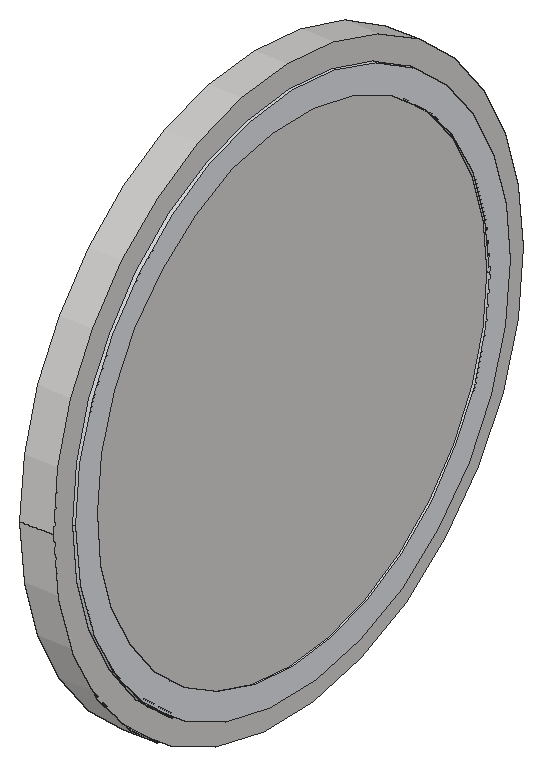
Revit family "Krage-Løsflens_med pakning", category Pipe Accessories, Revit 2020
Family settings
  Round Connector Dimension = Use Radius
  Part Type = Valve - Breaks Into
  OmniClass Number = 23.60.30.11.14
  OmniClass Title = Pipework Fittings
  Work Plane-Based = No
  Always vertical = Yes
  Cut with Voids When Loaded = No
  Shared = No
Parameters (values of type "Standard")
  Tick Size [instance] = Collar Dt Diameter * 0.4  # 532 mm
  Thickness [instance] = if(DN = 25 mm, 2 mm, if(DN = 32 mm, 2 mm, if(DN = 40 mm, 2 mm, if(DN = 50 mm, 2 mm, if(DN = 65 mm, 2 mm, if(DN = 80 mm, 2 mm, if(DN = 100 mm, 2 mm, if(DN = 125 mm, 2 mm, if(DN = 150 mm, 2 mm, if(DN = 200 mm, 2 mm, if(DN = 250 mm, 3 mm, if(DN = 300 mm, 3 mm, if(DN = 350 mm, 4 mm, if(DN = 400 mm, 4 mm, if(DN = 450 mm, 5 mm, if(DN = 500 mm, 5 mm, if(DN = 600 mm, 6 mm, if(DN = 700 mm, 8 mm, if(DN = 800 mm, 8 mm, if(DN = 900 mm, 10 mm, if(DN = 1000 mm, 10 mm, if(DN = 1200 mm, 10 mm, if(DN = 1400 mm, 12 mm, if(DN = 1600 mm, 12 mm, 9 mm))))))))))))))))))))))))  # 10 mm
  Nominal Diameter [instance] = Nominal Radius * 2  # 1200 mm
  Lookup Table Name = "Collar - Asplan Viak"
  Gasket Thickness [instance] = if(DN = 25 mm, 4 mm, if(DN = 32 mm, 4 mm, if(DN = 40 mm, 4 mm, if(DN = 50 mm, 4 mm, if(DN = 65 mm, 4 mm, if(DN = 80 mm, 4 mm, if(DN = 100 mm, 5 mm, if(DN = 125 mm, 5 mm, if(DN = 150 mm, 5 mm, if(DN = 200 mm, 6 mm, if(DN = 250 mm, 6 mm, if(DN = 300 mm, 6 mm, if(DN = 350 mm, 7 mm, if(DN = 400 mm, 7 mm, if(DN = 450 mm, 7 mm, if(DN = 500 mm, 7 mm, if(DN = 600 mm, 7 mm, if(DN = 700 mm, 8 mm, if(DN = 800 mm, 8 mm, if(DN = 900 mm, 8 mm, if(DN = 1000 mm, 8 mm, if(DN = 1200 mm, 8 mm, if(DN = 1400 mm, 8 mm, if(DN = 1600 mm, 8 mm, 8 mm))))))))))))))))))))))))  # 8 mm
  Gasket Outside Radius [instance] = Gasket Outside Diameter / 2  # 672.5 mm
  Gasket Outside Diameter [instance] = if(DN = 25 mm, 71 mm, if(DN = 32 mm, 82 mm, if(DN = 40 mm, 92 mm, if(DN = 50 mm, 107 mm, if(DN = 65 mm, 127 mm, if(DN = 80 mm, 142 mm, if(DN = 100 mm, 162 mm, if(DN = 125 mm, 192 mm, if(DN = 150 mm, 218 mm, if(DN = 200 mm, 273 mm, if(DN = 250 mm, 328 mm, if(DN = 300 mm, 378 mm, if(DN = 350 mm, 438 mm, if(DN = 400 mm, 489 mm, if(DN = 450 mm, 539 mm, if(DN = 500 mm, 594 mm, if(DN = 600 mm, 695 mm, if(DN = 700 mm, 810 mm, if(DN = 800 mm, 917 mm, if(DN = 900 mm, 1017 mm, if(DN = 1000 mm, 1124 mm, if(DN = 1200 mm, 1345 mm, if(DN = 1400 mm, 1550 mm, if(DN = 1600 mm, 1775 mm, 7 mm))))))))))))))))))))))))  # 1345 mm
  Gasket Inside Radius [instance] = Gasket Inside Diameter / 2  # 609.5 mm
  Gasket Inside Diameter [instance] = if(DN = 25 mm, 34 mm, if(DN = 32 mm, 43 mm, if(DN = 40 mm, 49 mm, if(DN = 50 mm, 61 mm, if(DN = 65 mm, 77 mm, if(DN = 80 mm, 89 mm, if(DN = 100 mm, 115 mm, if(DN = 125 mm, 140 mm, if(DN = 150 mm, 169 mm, if(DN = 200 mm, 220 mm, if(DN = 250 mm, 273 mm, if(DN = 300 mm, 324 mm, if(DN = 350 mm, 356 mm, if(DN = 400 mm, 407 mm, if(DN = 450 mm, 457 mm, if(DN = 500 mm, 508 mm, if(DN = 600 mm, 610 mm, if(DN = 700 mm, 711 mm, if(DN = 800 mm, 813 mm, if(DN = 900 mm, 914 mm, if(DN = 1000 mm, 1016 mm, if(DN = 1200 mm, 1219 mm, if(DN = 1400 mm, 1422 mm, if(DN = 1600 mm, 1626 mm, 6 mm))))))))))))))))))))))))  # 1219 mm
  Flange Outside Radius [instance] = Flange Outside Diameter / 2  # 727.5 mm
  Flange Outside Diameter [instance] = if(DN = 25 mm, 115 mm, if(DN = 32 mm, 140 mm, if(DN = 40 mm, 150 mm, if(DN = 50 mm, 165 mm, if(DN = 65 mm, 185 mm, if(DN = 80 mm, 200 mm, if(DN = 100 mm, 220 mm, if(DN = 125 mm, 250 mm, if(DN = 150 mm, 285 mm, if(DN = 200 mm, 340 mm, if(DN = 250 mm, 395 mm, if(DN = 300 mm, 445 mm, if(DN = 350 mm, 505 mm, if(DN = 400 mm, 565 mm, if(DN = 450 mm, 615 mm, if(DN = 500 mm, 670 mm, if(DN = 600 mm, 780 mm, if(DN = 700 mm, 895 mm, if(DN = 800 mm, 1015 mm, if(DN = 900 mm, 1115 mm, if(DN = 1000 mm, 1230 mm, if(DN = 1200 mm, 1455 mm, if(DN = 1400 mm, 1675 mm, if(DN = 1600 mm, 1915 mm, 4 mm))))))))))))))))))))))))  # 1455 mm
  Flange Height [instance] = if(DN = 25 mm, 16 mm, if(DN = 32 mm, 18 mm, if(DN = 40 mm, 18 mm, if(DN = 50 mm, 20 mm, if(DN = 65 mm, 20 mm, if(DN = 80 mm, 20 mm, if(DN = 100 mm, 22 mm, if(DN = 125 mm, 22 mm, if(DN = 150 mm, 24 mm, if(DN = 200 mm, 24 mm, if(DN = 250 mm, 26 mm, if(DN = 300 mm, 26 mm, if(DN = 350 mm, 30 mm, if(DN = 400 mm, 32 mm, if(DN = 450 mm, 36 mm, if(DN = 500 mm, 38 mm, if(DN = 600 mm, 42 mm, if(DN = 700 mm, 50 mm, if(DN = 800 mm, 56 mm, if(DN = 900 mm, 62 mm, if(DN = 1000 mm, 70 mm, if(DN = 1200 mm, 83 mm, if(DN = 1400 mm, 83 mm, if(DN = 1600 mm, 83 mm, 5 mm))))))))))))))))))))))))  # 83 mm
  Dimensjonsklasse = "Metrisk"
  Default Elevation = 0.00 mm
  DN [instance] = Nominal Diameter  # 1200.00 mm
  Collar Height [instance] = if(DN = 25 mm, 10 mm, if(DN = 32 mm, 12 mm, if(DN = 40 mm, 15 mm, if(DN = 50 mm, 20 mm, if(DN = 65 mm, 20 mm, if(DN = 80 mm, 25 mm, if(DN = 100 mm, 25 mm, if(DN = 125 mm, 25 mm, if(DN = 150 mm, 25 mm, if(DN = 200 mm, 30 mm, if(DN = 250 mm, 68 mm, if(DN = 300 mm, 68 mm, if(DN = 350 mm, 68 mm, if(DN = 400 mm, 72 mm, if(DN = 450 mm, 72 mm, if(DN = 500 mm, 75 mm, if(DN = 600 mm, 80 mm, if(DN = 700 mm, 80 mm, if(DN = 800 mm, 90 mm, if(DN = 900 mm, 95 mm, if(DN = 1000 mm, 95 mm, if(DN = 1200 mm, 115 mm, if(DN = 1400 mm, 143 mm, if(DN = 1600 mm, 159 mm, 2 mm))))))))))))))))))))))))  # 115 mm
  Nominal Radius [instance] = 600 mm
  Loss Method = Not Defined
  Collar Outside Radius [instance] = Collar Outside Diameter / 2  # 610 mm
  Collar Outside Diameter [instance] = DN + 2 * Thickness  # 1220 mm
  Gasket Material = none
  Flange Material = Stål
  Collar Dt Radius [instance] = Collar Dt Diameter / 2  # 665 mm
  Collar Dt Diameter [instance] = if(DN = 25 mm, 68 mm, if(DN = 32 mm, 78 mm, if(DN = 40 mm, 88 mm, if(DN = 50 mm, 102 mm, if(DN = 65 mm, 122 mm, if(DN = 80 mm, 138 mm, if(DN = 100 mm, 158 mm, if(DN = 125 mm, 188 mm, if(DN = 150 mm, 212 mm, if(DN = 200 mm, 268 mm, if(DN = 250 mm, 320 mm, if(DN = 300 mm, 370 mm, if(DN = 350 mm, 430 mm, if(DN = 400 mm, 482 mm, if(DN = 450 mm, 532 mm, if(DN = 500 mm, 585 mm, if(DN = 600 mm, 685 mm, if(DN = 700 mm, 800 mm, if(DN = 800 mm, 905 mm, if(DN = 900 mm, 1005 mm, if(DN = 1000 mm, 1110 mm, if(DN = 1200 mm, 1330 mm, if(DN = 1400 mm, 1535 mm, if(DN = 1600 mm, 1760 mm, 3 mm))))))))))))))))))))))))  # 1330 mm
  Collar Material = Stål
  Assembly Code = "38"
Reference planes
  plane 1 "Center (Front/Back)": y = 0
  plane 2: z = 0
  plane 3 "Center (Left/Right)": x = 0
  plane 4: y = 532
  plane 5: y = -532
  plane 6: x = -57.5
  plane 7: x = 53.5
  plane 8: x = -29.5
  plane 9: x = 65.5
  plane 10: x = 57.5
Forms (mm)
  Sweep 1, solid, material "Stål" <- "Collar Material", detail levels fine
    path origin (0, 0, 0) x (1, 0, 0) y (0, 1, 0)
      loop
        line (-57.5, 0) -> (53.5, 0)
    profile origin (-2, 0, 0) x (0, 1, 0) y (0, 0, 1)
      loop
        circle (0, 0) r 610
  Sweep 2, solid, material "Stål" <- "Collar Material", detail levels fine
    path origin (0, 0, 0) x (-1, 0, 0) y (0, 1, 0)
      loop
        line (-53.5, 0) -> (-57.5, 0)
    profile origin (55.5, 0, 0) x (0, 1, 0) y (0, 0, 1)
      loop
        circle (0, 0) r 665
  Sweep 3, solid, material "Stål" <- "Flange Material", detail levels fine
    path origin (0, 0, 0) x (1, 0, 0) y (0, 1, 0)
      loop
        line (-29.5, 0) -> (53.5, 0)
    profile origin (12, 0, 0) x (0, 1, 0) y (0, 0, 1)
      loop
        circle (0, 0) r 610
      loop
        circle (0, 0) r 727.5
  Sweep 4, solid, material <- "Gasket Material", detail levels fine
    path origin (0, 0, 0) x (1, 0, 0) y (0, 1, 0)
      loop
        line (57.5, 0) -> (65.5, 0)
    profile origin (61.5, 0, 0) x (0, 1, 0) y (0, 0, 1)
      loop
        circle (0, 0) r 609.5
      loop
        circle (0, 0) r 672.5
Lines and regions (mm)
  model lines, detail levels coarse+medium
    curve 1: line (-57.5, 0, 0) -> (57.906, 0, 0)
    curve 2: line (0, 532, 0) -> (0, -532, 0)
Dimensions and locks
  equal spacing: plane 4, plane 1 "Center (Front/Back)", plane 5
  "Tick Size": plane 4 to plane 1 "Center (Front/Back)"
  equal spacing: plane 6, plane 3 "Center (Left/Right)", plane 10
  "Flange Height": plane 8 to plane 7
  locked: plane 7 to plane 10 at 4
  "Gasket Thickness": plane 10 to plane 9
  "Collar Height": plane 6 to plane 10
  "Collar Outside Radius": radius of Sweep 1 sketch curve
  "Collar Dt Radius": radius of Sweep 2 sketch curve
  "Collar Outside Radius": radius of Sweep 3 sketch curve
  "Flange Outside Radius": radius of Sweep 3 sketch curve
  "Gasket Inside Radius": radius of Sweep 4 sketch curve
  "Gasket Outside Radius": radius of Sweep 4 sketch curve
  aligned and locked: plane 1 "Center (Front/Back)" to curve 1
  aligned and locked: curve 2 to plane 3 "Center (Left/Right)"
  aligned and locked: plane 6 to curve 1
  aligned and locked: plane 4 to curve 2
  aligned and locked: plane 5 to curve 2
  aligned and locked: plane 1 "Center (Front/Back)" to Sweep 1 sketch curve
  aligned and locked: plane 2 to Sweep 1 sketch curve
  aligned and locked: Sweep 2 sketch curve to plane 7
  aligned and locked: plane 6 to Sweep 1 sketch curve
  aligned and locked: plane 7 to Sweep 1 sketch curve
  aligned and locked: plane 8 to Sweep 3 sketch curve
  aligned and locked: plane 7 to Sweep 3 sketch curve
  aligned and locked: plane 1 "Center (Front/Back)" to Sweep 3 sketch curve  (x2)
  aligned and locked: plane 2 to Sweep 3 sketch curve  (x2)
  aligned and locked: profile plane to plane 2
  aligned and locked: plane 9 to Sweep 4 sketch curve
  aligned and locked: plane 1 "Center (Front/Back)" to Sweep 4 sketch curve  (x2)
  aligned and locked: level to Sweep 4 sketch curve  (x2)
  aligned and locked: plane 10 to Sweep 2 sketch curve
  aligned and locked: plane 10 to Sweep 4 sketch curve
Automatic sketch dimensions
  plane 1 "Center (Front/Back)" to Sweep 1 sketch curve = 0.00 mm
  plane 1 "Center (Front/Back)" to Sweep 2 sketch curve = 0.00 mm
  plane 1 "Center (Front/Back)" to Sweep 3 sketch curve = 0.00 mm
  plane 1 "Center (Front/Back)" to Sweep 4 sketch curve = 0.00 mm
  curve 1 to plane 7 = 4.406 mm
  Sweep 2 sketch curve to level = 0.00 mm
  Sweep 2 sketch curve to profile plane = 0.00 mm
Connectors
  piping at (-57.5, 0, 0), diameter 1200, driven by "Nominal Radius"
    settings: on Sweep 1, index 2, connector inside diameter 150 mm, connector length 0.00 mm, flow factor 0, pipe flow 0.0 L/s, pressure drop 0.0 Pa, fitting loss kfactor 0, connector angle 0.00°, fixture units 0, engagement length 0.00 mm, angle of deflection 0.00°, flow configuration 0, flow direction 0, fitting loss method 0, system type 28, joint type 0, gender type 0, connector reference index -1, connector utility 0, adjustable connector no, is connector primary yes, connector description ""
  piping at (65.5, 0, 0), diameter 1200, driven by "Nominal Radius"
    settings: on Sweep 4, index 3, connector inside diameter 609.6 mm, connector length 0.00 mm, flow factor 0, pipe flow 0.0 L/s, pressure drop 0.0 Pa, fitting loss kfactor 0, connector angle 0.00°, fixture units 0, engagement length 0.00 mm, angle of deflection 0.00°, flow configuration 0, flow direction 0, fitting loss method 0, system type 20, joint type 0, gender type 0, connector reference index -1, connector utility 0, adjustable connector no, is connector primary no, connector description ""
